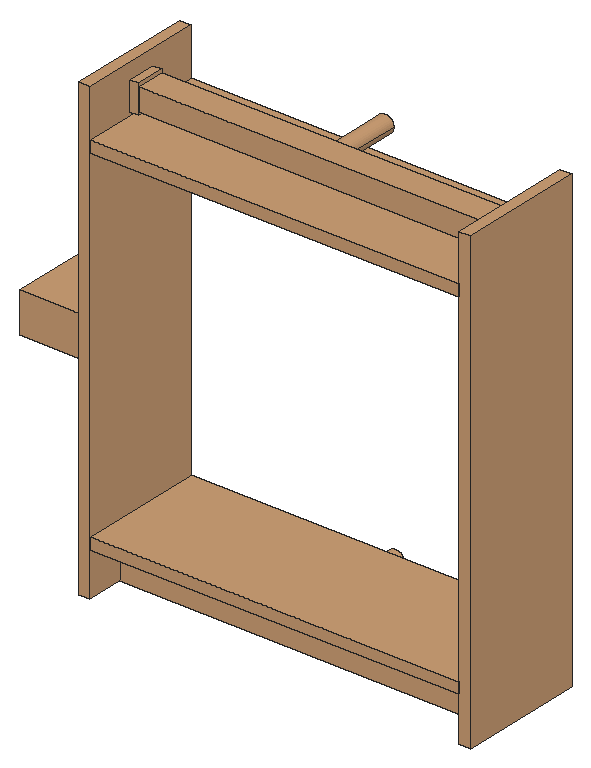
Revit family
Parameters
  Center Of Unit = 0' - 0"  # constant formula
  Water Pressure Drop [instance] = 0.00 psi
  Water Flow [instance] = 0 GPM
  Unit Weight (lbs) = 693
  URL = "http://www.ljwing.com/"
  Water Outlet Radius = 0' - 1 1/2"
  Water Outlet Odd sizes = 0' - 0"
  Total Heating Capacity [instance] = 0.0 Btu/h
  Temperature Rise [instance] = 0 °F
  Series = "VIFB"
  Outlet Area = 26.80 SF
  Number of Rows = 1  # constant formula
  Number of Coils [instance] = 0
  Nominal Length = 5' - 8 5/16"
  Model = "VD-6"
  Manufacturer = "LJ Wing"
  Leaving Water Temperature [instance] = 0 °F
  Leaving Air Temperature [instance] = 0 °F
  Face Velocity (FPM) [instance] = 0
  Entering Water Temperature [instance] = 0 °F
  Entering Air Temperature [instance] = 0 °F
  Description = "Vertical Integral Face & Bypass Water Heating Coils"
  Hot Water Odd Sizes = 0' - 0"
  Hot Water Inlet Offset = 0' - 4 3/8"  # constant formula
  Hot Water Inlet  Radius = 0' - 1 1/2"
  Coil Face Area = Outlet Area * 0.56  # 15.008 SF
  Casing Material = ""
  Assembly Code = "D3020300"
  Air Pressure Drop [instance] = 0.00 in-wg
  Air Inlet Width = Nominal Length - 0' 4"  # 5' - 4 5/16"
  Air Inlet Height = Y  # 5' - 0"
  Air Flow [instance] = 0 CFM
  Z = 0' - 2 1/8"
  Y = 5' - 0"
  S = 0' - 9 3/4"
  Product URL = "http://www.ljwing.com/html/vifb.asp"
  OmniClass = "23-75 70 21 14"
  Nominal Height = 6' - 8"
  Nominal Depth = 1' - 10"
  R = 0' - 10 1/4"
  Q = 0' - 4 5/32"
  P = 0' - 5 1/8"
  L = 0' - 5 15/16"
Reference planes (in)
  plane 1 "Center (Front/Back)": y = 0
  plane 2: z = -30
  plane 3 "Center (Left/Right)": x = 0
  plane 4: z = 40.25
  plane 5: x = -34.15625
  plane 6: x = 34.15625
  plane 7: z = -39.75
  plane 8: z = 0
  plane 9: y = -11
  plane 10: y = 11
  plane 11: z = 30
  plane 12: z = 32
  plane 13: z = -32
  plane 14: x = 32.15625
  plane 15: x = -32.15625
  plane 16: z = 35.125
  plane 17: z = -33.8125
  plane 18: x = -30
  plane 19: x = 30
  plane 20: y = 13.125
  plane 21: y = 15.375
  plane 22: x = -45.15625
  plane 23: x = 0
  plane 24: x = 0
  plane 25: z = 37.125
  plane 26: z = 33.125
  plane 27: y = -2.5
  plane 28: y = 2.5
  plane 29: y = -4.5
Forms (in)
  Extrusion 1, solid, material "Painted Finish"
    sketch origin (0, 6, -9.75) x (1, 0, 0) y (0, 0, 1)
      loop
        line (-34.15625, -30) -> (-32.15625, -30) -> (-32.15625, 50) -> (-34.15625, 50) -> (-34.15625, -30)
      loop
        line (34.15625, -30) -> (34.15625, 50) -> (32.15625, 50) -> (32.15625, -30) -> (34.15625, -30)
    from -5 to 17
  Extrusion 2, solid, material "Painted Finish"
    sketch origin (0, 6, 0) x (1, 0, 0) y (0, 0, 1)
      loop
        line (32.15625, -30) -> (-32.15625, -30) -> (-32.15625, -32) -> (32.15625, -32) -> (32.15625, -30)
      loop
        line (32.15625, 30) -> (32.15625, 32) -> (-32.15625, 32) -> (-32.15625, 30) -> (32.15625, 30)
    from -5 to 17
  Extrusion 3, solid, material "Painted Finish"
    sketch origin (0, 10, -0.5) x (1, 0, 0) y (0, 0, 1)
      loop
        line (-34.15625, 4) -> (-45.15625, 4) -> (-45.15625, -3) -> (-34.15625, -3) -> (-34.15625, 4)
    from 0 to 20
  Extrusion 4, solid, material "Painted Finish"
    sketch origin (0, 6, 0) x (1, 0, 0) y (0, 0, 1)
      loop
        line (-30.53125, 37.125) -> (-30.53125, 33.125) -> (30.53125, 33.125) -> (30.53125, 37.125) -> (-30.53125, 37.125)
    from 3.5 to 8.5
  Extrusion 5, solid, material "Painted Finish"
    sketch origin (0, 0, 0) x (1, 0, 0) y (0, 0, 1)
      loop
        line (-30.53125, 32.625) -> (-30.53125, 37.625) -> (-32.15625, 37.625) -> (-32.15625, 32.625) -> (-30.53125, 32.625)
      loop
        line (32.15625, 32.625) -> (32.15625, 37.625) -> (30.53125, 37.625) -> (30.53125, 32.625) -> (32.15625, 32.625)
    from -2.5 to 2.5
  Extrusion 6, solid, material "Painted Finish"
    sketch origin (0, 23, 0) x (1, 0, 0) y (0, 0, 1)
      loop
        circle (0, 35.125) r 1.5
    from 9.875 to 20.5
  Extrusion 7, solid, material "Painted Finish"
    sketch origin (0, 6, 0) x (1, 0, 0) y (0, 0, 1)
      loop
        line (-32.15625, -32) -> (-32.15625, -39.75) -> (32.15625, -39.75) -> (32.15625, -32) -> (-32.15625, -32)
    from -5 to 10.5
  Extrusion 8, solid, material "Painted Finish"
    sketch origin (0, 23, 0) x (1, 0, 0) y (0, 0, 1)
      loop
        circle (0, -33.8125) r 1.5
    from 7.625 to 12
  Extrusion 9, void
    sketch origin (0, 0, 0) x (1, 0, 0) y (0, 0, 1)
      loop
        line (-32.15625, 30) -> (-32.15625, -30) -> (32.15625, -30) -> (32.15625, 30) -> (-32.15625, 30)
    from -11 to 11
Cuts and joins
  Extrusion 9 cuts Extrusion 1
  Extrusion 9 cuts Extrusion 2
Dimensions and locks (in)
  "Nominal Length": plane 6 to plane 5
  equal spacing: plane 6, plane 3 "Center (Left/Right)", plane 5
  "S": plane 2 to plane 7
  "Nominal Depth": plane 10 to plane 9
  equal spacing: plane 10, plane 1 "Center (Front/Back)", plane 9
  "Y": plane 11 to plane 2
  "R": plane 4 to plane 11
  locked: plane 12 to plane 11 at 2
  locked: plane 2 to plane 13 at 2
  "P": plane 4 to plane 16
  "L": plane 17 to plane 7
  "Q": plane 18 to plane 5
  "Q": plane 6 to plane 19
  "Z": plane 20 to plane 10
  "Hot Water Inlet Offset": plane 21 to plane 10
  locked: plane 5 to plane 22 at 11
  locked: Extrusion 3 sketch curve to Extrusion 3 sketch curve at 7
  locked: Extrusion 3 to Extrusion 3 at 20
  locked: plane 6 to plane 14 at 2
  locked: plane 15 to plane 5 at 2
  "Water Outlet Odd sizes": plane 23 to plane 3 "Center (Left/Right)"
  "Hot Water Odd Sizes": plane 3 "Center (Left/Right)" to plane 24
  equal spacing: plane 25, plane 16, plane 26
  locked: Extrusion 5 sketch curve to plane 25 at 0.5
  locked: plane 26 to Extrusion 5 sketch curve at 0.5
  locked: Extrusion 6 sketch curve to plane 16 at 0
  locked: Extrusion 6 sketch curve to plane 23 at 0
  locked: Extrusion 8 sketch curve to plane 17 at 0
  locked: Extrusion 8 sketch curve to plane 24 at 0
  locked: plane 25 to plane 26 at 4
  locked: plane 28 to plane 27 at 5
  equal spacing: plane 28, plane 1 "Center (Front/Back)", plane 27
  locked: plane 27 to plane 29 at 2
  plane 4 to plane 7 = 6' - 8"
  locked: Extrusion 5 sketch curve to Extrusion 1 at 1.625
  locked: Extrusion 5 sketch curve to Extrusion 5 sketch curve at 1.625
  locked: Extrusion 9 sketch curve to plane 11 at 0
  locked: Extrusion 9 sketch curve to plane 15 at 0
  locked: Extrusion 9 sketch curve to plane 14 at 0
  locked: Extrusion 9 sketch curve to plane 2 at 0
  equal spacing: plane 11, plane 8, plane 2
  "Water Outlet Radius": radius of Extrusion 6 sketch curve
  "Hot Water Inlet  Radius": radius of Extrusion 8 sketch curve
  aligned and locked: Extrusion 1 to plane 9
  aligned and locked: Extrusion 1 to plane 10
  aligned and locked: Extrusion 1 to plane 15
  aligned and locked: Extrusion 1 to plane 14
  aligned and locked: Extrusion 2 to plane 9
  aligned and locked: plane 9 to Extrusion 1
  aligned and locked: plane 10 to Extrusion 1  (x2)
  aligned and locked: Extrusion 2 to plane 10
  aligned and locked: plane 10 to Extrusion 2  (x2)
  aligned and locked: plane 9 to Extrusion 2  (x2)
  aligned and locked: plane 5 to Extrusion 3
  aligned and locked: Extrusion 5 sketch curve to plane 15
  aligned and locked: Extrusion 5 sketch curve to Extrusion 4
  aligned and locked: Extrusion 6 to plane 20
  aligned and locked: Extrusion 1 to Extrusion 7
  aligned and locked: Extrusion 8 to plane 10
  aligned and locked: plane 21 to Extrusion 8
  aligned and locked: plane 27 to Extrusion 5
  aligned and locked: Extrusion 5 to Extrusion 4  (x2)
  aligned and locked: Extrusion 5 to plane 28
  aligned and locked: Extrusion 6 to Extrusion 4
  aligned and locked: Extrusion 7 to plane 29  (x2)
  aligned and locked: Extrusion 8 to Extrusion 7
  aligned and locked: Extrusion 4 to Extrusion 5  (x2)
  aligned and locked: Extrusion 5 to Extrusion 1  (x2)
  aligned and locked: plane 2 to Extrusion 2
  aligned and locked: Extrusion 1 sketch curve to plane 6
  aligned and locked: Extrusion 1 sketch curve to plane 14
  aligned and locked: Extrusion 1 sketch curve to plane 15
  aligned and locked: Extrusion 1 sketch curve to plane 5
  aligned and locked: plane 7 to Extrusion 1 sketch curve  (x2)
  aligned and locked: Extrusion 1 sketch curve to plane 4  (x2)
  aligned and locked: Extrusion 2 sketch curve to plane 11
  aligned and locked: Extrusion 2 sketch curve to plane 12
  aligned and locked: Extrusion 2 sketch curve to plane 14  (x2)
  aligned and locked: Extrusion 2 sketch curve to plane 15  (x2)
  aligned and locked: Extrusion 2 sketch curve to plane 13
  aligned and locked: plane 2 to Extrusion 2 sketch curve
  aligned and locked: plane 13 to Extrusion 7 sketch curve
  aligned and locked: Extrusion 7 sketch curve to plane 7
  aligned and locked: Extrusion 7 sketch curve to plane 14
  aligned and locked: Extrusion 7 sketch curve to plane 15
  aligned and locked: cut or joined group of Extrusion 1, Extrusion 9 to plane 10
  aligned and locked: Extrusion 8 to plane 21
Automatic sketch dimensions
  Extrusion 3 sketch curve to plane 22 = 0' - 0"
  Extrusion 3 sketch curve to plane 5 = 0' - 0"
  plane 8 to Extrusion 3 sketch curve = 0' - 3 1/2"
  Extrusion 4 sketch curve to plane 25 = 0' - 0"
  Extrusion 4 sketch curve to plane 26 = 0' - 0"
  Extrusion 4 sketch curve to plane 18 = 0' - 0 17/32"
  plane 19 to Extrusion 4 sketch curve = 0' - 0 17/32"
  plane 26 to Extrusion 5 sketch curve = 0' - 0 1/2"
  Extrusion 5 sketch curve to plane 25 = 0' - 0 1/2"
Connectors (in)
  hvac at (0, -11, 0), driven by "Air Inlet Height", driven by "Air Inlet Width", driven by "Air Flow", driven by "Air Pressure Drop"
    settings: on Extrusion 9, index 1
  hvac at (0, 11, 0), driven by "Air Pressure Drop", driven by "Air Inlet Height", driven by "Air Inlet Width", driven by "Air Flow"
    settings: on Extrusion 9, index 2
  piping at (0, 13.125, 35.125), driven by "Water Flow", driven by "Water Outlet Radius", driven by "Water Pressure Drop"
    settings: on Extrusion 6, index 3
  piping at (0, 15.375, -33.8125), driven by "Water Flow", driven by "Water Pressure Drop", driven by "Hot Water Inlet  Radius"
    settings: on Extrusion 8, index 4
